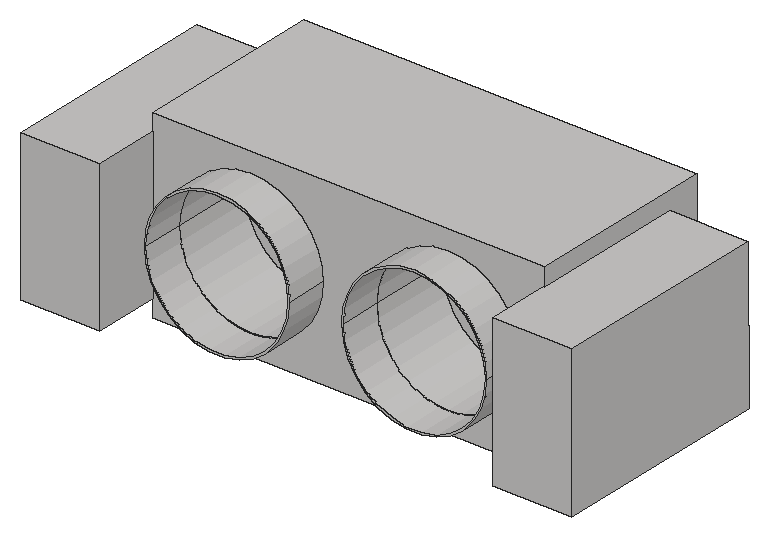
Revit family
Parameters
  Width = 2' - 8 1/8"
  Unit Weight = "62.0 lbs"
  URL = "http://www.titus-hvac.com/"
  UL = "181"
  SteriLoc Liner = Liner Option = 3  # no
  Outlet Width = Width  # 2' - 8 1/8"
  Outlet Height = Height  # 1' - 3"
  Nominal Width = Width + 1' 1"  # 3' - 9 1/8"
  Nominal Length = Length + Inlet Length  # 1' - 8 7/8"
  Nominal Inlet Size = 1' - 0"
  Nominal Height = 1' - 3"
  NFPA = "90A"
  Model = "DEDV"
  Min. Air Flow = 0 CFM
  Max. Air Flow = 2000 CFM
  Material = Steel
  Manufacturer = "Titus"
  Length = 1' - 3 1/2"
  Inlet Void Radius = Inlet Radius - 0' 0 1/8"  # 0' - 5 13/16"
  Inlet Radius = Inlet Diameter / 2  # 0' - 5 15/16"
  Inlet Offset = 1' - 4 1/8"
  Inlet Length = 0' - 5 3/8"
  Inlet Diameter = Nominal Inlet Size - 0' 0 1/8"  # 0' - 11 7/8"
  Height = 1' - 3"
  Heat Air Pressure Drop [instance] = 0.00 in-wg
  Heat Air Flow [instance] = 0 CFM
  Fiber Free Liner = Liner Option = 2  # no
  Duct Radius = Nominal Inlet Size / 2  # 0' - 6"
  Design Air Flow [instance] = 0 CFM
  Description = "Dual Duct Terminal Unit, Direct Digital Control, Pressure Independent, without Integral Mixer/Attenuator"
  Liner Option = 0
  Cool Air Pressure Drop [instance] = 0.00 in-wg
  Cool Air Flow [instance] = 0 CFM
  Control Box Offset = 0' - 3 3/8"
  CADworks URL = "www.CADworks.net"
  Assembly Code = "D3040100"
  1/2" Fiberglass Liner = Liner Option = 0  # yes
  1" Fiberglass Liner = Liner Option = 1  # no
Reference planes (in)
  plane 1 "Center (Front/Back)": y = 0
  plane 2: z = 0
  plane 3 "Center (Left/Right)": x = 0
  plane 4: y = 7.75
  plane 5: y = -7.75
  plane 6: x = 16.0625
  plane 7: x = -16.0625
  plane 8: z = 7.5
  plane 9: z = -7.5
  plane 10: y = -13.125
  plane 11: x = -8.0625
  plane 12: x = 8.0625
  plane 13: y = -11.125
  plane 14: x = 22.5625
  plane 15: x = -22.5625
Forms (in)
  Extrusion 1, solid, material "Steel" <- "Material"
    sketch origin (33, 0, -4) x (1, 0, 0) y (0, 1, 0)
      loop
        line (-49.0625, 7.75) -> (-49.0625, -7.75) -> (-16.9375, -7.75) -> (-16.9375, 7.75) -> (-49.0625, 7.75)
    from -3.5 to 11.5
  Extrusion 2, solid, material "Steel" <- "Material"
    sketch origin (4.46221, 44.62435, -28.76939) x (1, 0, 0) y (0, 0, 1)
      loop
        line (11.60029, 34.89439) -> (11.60029, 22.64439) -> (18.10029, 22.64439) -> (18.10029, 34.89439) -> (11.60029, 34.89439)
    from 39.74935 to 57.74935
  Extrusion 3, solid, material "Steel" <- "Material"
    sketch origin (13.94938, 6.875, -28.76939) x (-1, 0, 0) y (0, 0, -1)
      loop
        line (30.01188, -34.89439) -> (36.51188, -34.89439) -> (36.51188, -22.64439) -> (30.01188, -22.64439) -> (30.01188, -34.89439)
    from 2 to 20
  Extrusion 4, solid, material "Steel" <- "Material"
    sketch origin (6, -16.75, 0) x (1, 0, 0) y (0, 0, 1)
      loop
        circle (-14.0625, 0) r 5.9375
    from -9 to -5.625
  Extrusion 5, solid, material "Steel" <- "Material"
    sketch origin (10.125, -7.75, 0) x (1, 0, 0) y (0, 0, 1)
      loop
        circle (-2.0625, 0) r 5.9375
    from 0 to 3.375
  Extrusion 6, void
    sketch origin (0, 0, 0) x (1, 0, 0) y (0, 0, 1)
      loop
        circle (-8.0625, 0) r 5.8125
    from 1.125 to 11.125
  Extrusion 7, void
    sketch origin (0, 0, 0) x (1, 0, 0) y (0, 0, 1)
      loop
        circle (8.0625, 0) r 5.8125
    from 1.125 to 11.125
Cuts and joins
  Extrusion 6, Extrusion 7 cuts Extrusion 1
  Extrusion 6 cuts Extrusion 4
  Extrusion 7 cuts Extrusion 5
Dimensions and locks (in)
  "Height": plane 8 to plane 9
  equal spacing: plane 8, plane 2, plane 9
  "Width": plane 7 to plane 6
  equal spacing: plane 7, plane 3 "Center (Left/Right)", plane 6
  "Length": plane 4 to plane 5
  equal spacing: plane 4, plane 1 "Center (Front/Back)", plane 5
  locked: Extrusion 2 to Extrusion 2 at 18
  locked: Extrusion 2 sketch curve to Extrusion 2 sketch curve at 6.5
  locked: Extrusion 2 sketch curve to Extrusion 2 sketch curve at 12.25
  equal spacing: Extrusion 2 sketch curve, plane 2, Extrusion 2 sketch curve
  locked: Extrusion 3 to Extrusion 3 at 18
  locked: Extrusion 3 sketch curve to Extrusion 3 sketch curve at 6.5
  locked: Extrusion 3 sketch curve to Extrusion 3 sketch curve at 12.25
  equal spacing: Extrusion 3 sketch curve, plane 2, Extrusion 3 sketch curve
  "Inlet Length": plane 5 to plane 10
  "Inlet Offset": plane 12 to plane 11
  equal spacing: plane 12, plane 3 "Center (Left/Right)", plane 11
  "Control Box Offset": plane 5 to plane 13
  "Inlet Radius": plane 11 to cut or joined group of Extrusion 4, Extrusion 6
  "Inlet Radius": plane 12 to cut or joined group of Extrusion 5, Extrusion 7
  "Inlet Radius": radius of Extrusion 4 sketch curve
  "Inlet Radius": radius of Extrusion 5 sketch curve
  "Inlet Void Radius": radius of Extrusion 6 sketch curve
  "Inlet Void Radius": radius of Extrusion 7 sketch curve
  aligned and locked: plane 4 to Extrusion 1
  aligned and locked: plane 7 to Extrusion 1
  aligned and locked: plane 5 to Extrusion 1
  aligned and locked: plane 6 to Extrusion 1
  aligned and locked: plane 8 to Extrusion 1
  aligned and locked: plane 9 to Extrusion 1
  aligned and locked: plane 10 to Extrusion 2
  aligned and locked: plane 10 to Extrusion 3
  aligned and locked: plane 13 to Extrusion 4
  aligned and locked: plane 5 to Extrusion 4
  aligned and locked: plane 13 to Extrusion 5
  aligned and locked: plane 5 to Extrusion 5
  aligned and locked: Extrusion 6 to plane 13
  aligned and locked: plane 13 to cut or joined group of Extrusion 4, Extrusion 6
  aligned and locked: plane 13 to cut or joined group of Extrusion 5, Extrusion 7  (x2)
  aligned and locked: Extrusion 7 to plane 13
  aligned and locked: Extrusion 2 to cut or joined group of Extrusion 1, Extrusion 6, Extrusion 7
  aligned and locked: plane 6 to cut or joined group of Extrusion 1, Extrusion 6, Extrusion 7
  aligned and locked: Extrusion 3 to cut or joined group of Extrusion 1, Extrusion 6, Extrusion 7
  aligned and locked: cut or joined group of Extrusion 1, Extrusion 6, Extrusion 7 to plane 7
Automatic sketch dimensions
  Extrusion 1 sketch curve to plane 5 = 0' - 0"
  plane 7 to Extrusion 1 sketch curve = 0' - 0"
  plane 6 to Extrusion 1 sketch curve = 0' - 0"
  Extrusion 1 sketch curve to plane 4 = 0' - 0"
  plane 6 to Extrusion 2 sketch curve = 0' - 0"
  Extrusion 3 sketch curve to plane 7 = 0' - 0"
  Extrusion 4 sketch curve to level = 0' - 0"
  Extrusion 4 sketch curve to plane 11 = 0' - 0"
  Extrusion 5 sketch curve to level = 0' - 0"
  Extrusion 5 sketch curve to plane 12 = 0' - 0"
  Extrusion 6 sketch curve to level = 0' - 0"
  Extrusion 6 sketch curve to plane 11 = 0' - 0"
  Extrusion 7 sketch curve to level = 0' - 0"
  Extrusion 7 sketch curve to plane 12 = 0' - 0"
Connectors (in)
  hvac at (-8.0625, -11.125, 0), driven by "Duct Radius", driven by "Heat Air Pressure Drop", driven by "Heat Air Flow"
    settings: on cut or joined group of Extrusion 4, Extrusion 6, index 1
  hvac at (8.0625, -11.125, 0), driven by "Duct Radius", driven by "Cool Air Pressure Drop", driven by "Cool Air Flow"
    settings: on cut or joined group of Extrusion 5, Extrusion 7, index 2
  hvac at (0, 7.75, 0), driven by "Outlet Height", driven by "Outlet Width", driven by "Design Air Flow"
    settings: on cut or joined group of Extrusion 1, Extrusion 6, Extrusion 7, index 3
